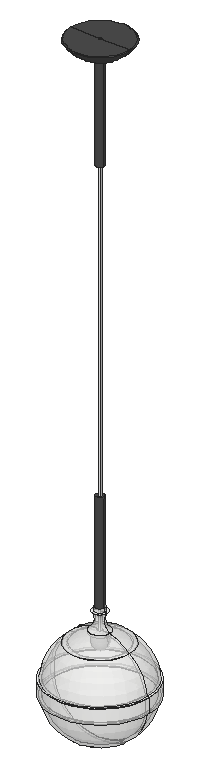
Revit family "PEGGY SP-Suspension", category Lighting Fixtures, host Ceiling, Revit 2020
Family settings
  Host = Ceiling
  Round Connector Dimension = Use Diameter
  Part Type = Normal
  OmniClass Number = 23.80.70.11
  OmniClass Title = Luminaries for Internal Lighting
  Always vertical = Yes
  Cut with Voids When Loaded = No
  Light Source = No
  Shared = No
  Room Calculation Point = No
Parameters (values of type "PEGGY SP")
  World Region [instance] = yes
  Width = 22 mm
  Voltage Control [instance] = if(World Region, 240 VA, 110 VA)  # 240 VA
  Voltage [instance] = if(World Region, 240 V, 110 V)  # 240 V
  USA and Canada market contacts = "ip@vistosi.it, +39.344.180.73.87"
  USA Region [instance] = not(World Region)  # no
  URL Product Page = "https://vistosi.it/prodotti-lampade-vetro/peggy-sp/?lang=en&sku=PEGGYSP000000OT-BCLUE141CE"
  URL = "https://vistosi.com"
  Type Comments = "Hangar Design Group"
  Region [instance] = if(World Region, "Europe", "USA")  # "Europe"
  Product data url = ""
  Model = "PEGGY"
  Material Bulb = 000_VISTOSI_Bulb
  Manufacturer country = "Italy"
  Manufacturer = "Vistosi"
  Light Source [instance] = Bulb : 2700 K 13 W 37 V 2000 lm DIM3 0-10V, Push
  Glass finish_type1 = none
  Frequency [instance] = if(World Region, 50 Hz, 60 Hz)  # 50 Hz
  Frame finish = none
  Designer = "Hangar Design Group"
  Description = "SUSPENSION"
  Depth = 0 mm
  Default Elevation = 0 mm
  Country = "Europe"
  Contact = "T. +39 041 5903480 Email: vistosi@vistosi.it"
  Bulb Diametr = 15 mm
  BIMobject category = ""
Reference planes
  plane 1 "Light Source Axis (F/B)": y = 0
  plane 2 "Ceiling": z = 2438.4
  plane 3 "Light Source Axis (L/R)": x = 0
  plane 4 "Light Source Elevation": z = 2438.4
  plane 5 "Lower Base": z = 1360.255
  plane 6 "H": z = 2208.4
  plane 7 "L": z = 1605.255
  plane 8: z = 1159.4
Forms (mm)
  Extrusion 1, solid, material <- "Frame finish"
    sketch origin (0, 0, 1360.255) x (-1, 0, 0) y (0, -1, 0)
      loop
        circle (0, 0) r 2
    from 0 to 1078.145
  Extrusion 2, solid, material <- "Frame finish"
    sketch origin (0, 0, 2208.4) x (-1, 0, 0) y (0, -1, 0)
      loop
        circle (0, 0) r 8
    from 0 to 210
  Extrusion 3, solid, material <- "Frame finish"
    sketch origin (0, 0, 1605.255) x (-1, 0, 0) y (0, -1, 0)
      loop
        circle (0, 0) r 8
    from 0 to -202
Text (mm)
  text "0 Tilt Angle" at (-1482.244, 236.007, 2133.6), in view "Ref. Level"
  text "180 Tilt Angle" at (653.058, 236.007, 2133.6), in view "Ref. Level"
Dimensions and locks
  equal spacing: host sketch curve, plane 3 "Light Source Axis (L/R)", host sketch curve
  equal spacing: host sketch curve, plane 1 "Light Source Axis (F/B)", host sketch curve
  host sketch curve to host sketch curve = 3048 mm  (x2)
  locked: plane 2 "Ceiling" to plane 8 at 1279
  locked: plane 5 "Lower Base" to plane 8 at 200.855
  locked: plane 2 "Ceiling" to plane 6 "H" at 230
  locked: plane 7 "L" to plane 5 "Lower Base" at 245
  aligned and locked: Extrusion 1 to plane 5 "Lower Base"
  aligned and locked: nested 2 to Extrusion 3
Nested families
  nested 1: "PEGGY_Base" at (0, 0, 2438.4) x (1, 0, 0) z (0, 0, -1), Frame finish <- "Frame finish", type "Peggy_Base"
  nested 2: "PEGGY_Lampshade" at (-0.173, 0.36, 1360.255) x (-1, 0, 0) z (0, 0, -1), Frame finish <- "Frame finish", Glass finish_type1 <- "Glass finish_type1", Material Bulb <- "Material Bulb", Bulb Diametr <- "Bulb Diametr", type "Peggy"
    with Material Bulb 000_VISTOSI_Bulb, Glass finish_type1 none, Frame finish none, Bulb Diametr 15 mm
  nested 3: "Bulb" at (-0.173, 0.36, 2840.255) x (-1, 0, 0) z (0, 0, -1), type "2700 K 13 W 37 V 2000 lm DIM2 Phase Cut"
    with Material 000_VISTOSI_Bulb, Diameter bulb 15 mm
Connectors
  electrical at (0, 0, 2438.4), driven by "Voltage", driven by "Voltage Control"
    settings: on Extrusion 1, index 1, voltage 240 V, apparent load 0 VA, apparent load phase1 240 VA, apparent load phase2 0 VA, apparent load phase3 0 VA, power factor 1, load classification "Other", number of poles 1, system type 31, power factor state 1, is connector primary yes, connector utility no, sub classification motor no, connector description ""
Definition of nested family "PEGGY_Base"
  Parameters (values of type "Peggy_Base")
    Frame finish [instance] = none
    Description = "Top base"  # constant formula
    Default Elevation = 1219.2 mm
  Reference planes
    plane 1 "Center (Front/Back)": y = 0
    plane 2: z = 0
    plane 3 "Center (Left/Right)": x = 0
    plane 4: x = -61
    plane 5: x = 61
  Forms (mm)
    Extrusion 1, solid
      sketch origin (0, 0, 0) x (1, 0, 0) y (0, 1, 0)
        loop
          line (-1219.2, 1219.2) -> (-1219.2, -1219.2) -> (1219.2, -1219.2) -> (1219.2, 1219.2) -> (-1219.2, 1219.2)
      from 0 to -304.8
    Revolve 2, solid, material <- "Frame finish"
      sketch origin (0, 0, 0) x (1, 0, 0) y (0, 0, 1)
        loop
          line (0, 0) -> (59.4, 0) -> (61, 1.2)
          arc (61, 1.2) -> (34.579, 24.925) -> (0, 33) r 71.449
          line (0, 33) -> (0, 0)
        axis (0, 33) -> (0, 0)
      angle from 0 to 360
  Dimensions and locks
    aligned and locked: plane 2 to Extrusion 1
    aligned and locked: level to Extrusion 1
Definition of nested family "PEGGY_Lampshade"
  Parameters (values of type "Peggy")
    Material Bulb [instance] = none
    Glass finish_type1 [instance] = none
    Frame finish [instance] = none
    Description = "Lampshade"  # constant formula
    Default Elevation = 1000 mm
    Bulb Diametr [instance] = 15 mm
  Reference planes
    plane 1 "Center (Front/Back)": y = 0
    plane 2: z = 0
    plane 3 "Center (Left/Right)": x = 0
    plane 4: x = -101.5
    plane 5: x = 101.5
  Forms (mm)
    Extrusion 1, solid
      sketch origin (0, 0, 0) x (1, 0, 0) y (0, 1, 0)
        loop
          line (-1219.2, 1219.2) -> (-1219.2, -1219.2) -> (1219.2, -1219.2) -> (1219.2, 1219.2) -> (-1219.2, 1219.2)
      from 0 to -304.8
    Revolve 2, solid, material <- "Frame finish"
      sketch origin (-3.594, 0, 0.043) x (1, 0, 0) y (0, 0, 1)
        loop
          line (-1.406, -0.043) -> (-1.406, 4.957) -> (-15.8, 4.957)
          arc (-15.8, 4.957) -> (-34.037, 11.853) -> (-50.186, 22.777) r 83.779
          line (-50.186, 22.777) -> (-57.574, 22.777)
          arc (-57.574, 22.777) -> (-38.53, 8.589) -> (-16.406, -0.043) r 88.779
          line (-16.406, -0.043) -> (-1.406, -0.043)
        axis (3.594, -0.043) -> (3.594, 22.777)
      angle from 0 to 360
    Revolve 3, solid, material <- "Glass finish_type1"
      sketch origin (-3.594, 0, 0.043) x (1, 0, 0) y (0, 0, 1)
        loop
          line (-56.56, 22.777) -> (-47.535, 22.777)
          arc (-47.535, 22.777) -> (-75.88, 50.457) -> (-89.079, 87.813) r 87.336
          line (-89.079, 87.813) -> (-94.108, 87.813)
          arc (-94.108, 87.813) -> (-82.244, 51.305) -> (-56.56, 22.777) r 92.336
        axis (3.594, 22.777) -> (3.594, 87.813)
      angle from 0 to 360
    Revolve 4, solid, material <- "Frame finish"
      sketch origin (-3.594, 0, 0.043) x (1, 0, 0) y (0, 0, 1)
        loop
          line (-89.053, 87.813) -> (-89.053, 117.813) -> (-97.906, 117.813) -> (-97.906, 87.813) -> (-89.053, 87.813)
        axis (3.594, 87.813) -> (3.594, 117.813)
      angle from 0 to 360
    Revolve 5, solid, material <- "Glass finish_type1"
      sketch origin (-3.594, 0, 0.043) x (1, 0, 0) y (0, 0, 1)
        loop
          arc (3.594, 200.813) -> (-61.008, 177.855) -> (-94.106, 117.813) r 96.6
          line (-94.106, 117.813) -> (-89.053, 117.813)
          arc (-89.053, 117.813) -> (-57.459, 174.308) -> (3.594, 195.811) r 91.6
          line (3.594, 195.811) -> (3.594, 200.813)
        axis (3.594, 117.813) -> (3.594, 200.813)
      angle from 0 to 360
    Revolve 6, solid, material <- "Frame finish"
      sketch origin (-3.594, 0, 0.043) x (1, 0, 0) y (0, 0, 1)
        loop
          line (3.594, -0.043) -> (-16.406, -0.043)
          arc (-16.406, -0.043) -> (-5.964, -16.408) -> (-11.406, -35.043) r 23.487
          line (-11.406, -35.043) -> (3.594, -35.043) -> (3.594, -0.043)
        axis (3.594, -35.043) -> (3.594, -0.043)
      angle from 0 to 360
    Revolve 7, solid, material <- "Frame finish"
      sketch origin (-3.594, 0, 0.043) x (1, 0, 0) y (0, 0, 1)
        loop
          line (3.594, -43.043) -> (3.594, -35.043) -> (-6.406, -35.043) -> (-6.406, -43.043) -> (3.594, -43.043)
        axis (3.594, -43.043) -> (3.594, -35.043)
      angle from 0 to 360
  Lines and regions (mm)
    Masking region 1, not visible
      outline origin (0, 0, 0) x (1, 0, 0) y (0, 1, 0)
        loop
          circle (0, 0) r 225
    Masking region 2, not visible
      outline origin (0, 0, 0) x (1, 0, 0) y (0, 1, 0)
        loop
          circle (0, 0) r 172.6
    Masking region 3
      outline origin (0, 0, 0) x (1, 0, 0) y (0, 1, 0)
        loop
          circle (0, 0) r 80
  Dimensions and locks
    locked: nested 1 to level at 20
    aligned and locked: plane 2 to Extrusion 1
    aligned and locked: level to Extrusion 1
    aligned and locked: plane 3 "Center (Left/Right)" to nested 1
  Nested families
    nested 1: "Bulb" at (0, 0, -1480), Material <- "Material Bulb", Diameter bulb <- "Bulb Diametr", type "2700 K 13 W 37 V 2000 lm DIM2 Phase Cut"
      with Material none, Diameter bulb 15 mm
  Definition of nested family "Bulb"
    Parameters (values of type "3000 K 13 W 37 V 2000 lm DIM3 0-10V, Push")
      Wattage = 13.4642 W
      built-in parameter 1150110 = 1 (stored number, unit not read)
      USA and Canada market contacts = ""
      built-in parameter 1114217 = 1 (stored number, unit not read)
      built-in parameter 1150109 = 1 (stored number, unit not read)
      built-in parameter 1150134 = (empty or 0)
      built-in parameter 1150113 = 1 (stored number, unit not read)
      Material [instance] = none
      Diameter bulb [instance] = 15 mm
      Lumens = 2000 lm
      built-in parameter 1150115 = 1 (stored number, unit not read)
      built-in parameter 1150105 = 159.15 (stored number, unit not read)
      Light Source Symbol Size = 30 mm
      built-in parameter 1150137 = (empty or 0)
      built-in parameter 1150139 = (empty or 0)
      built-in parameter 1150112 = 1 (stored number, unit not read)
      built-in parameter 1150114 = 1 (stored number, unit not read)
      built-in parameter 1150132 = 2
      built-in parameter 1150102 = (empty or 0)
      built-in parameter 1150138 = (empty or 0)
      built-in parameter 1150107 = 3000 (stored number, unit not read)
      built-in parameter 1150106 = 1.5915 (stored number, unit not read)
      built-in parameter 1150104 = 13.8 (stored number, unit not read)
      Dimming Lamp Color Temperature Shift = (empty or 0)
      Default Elevation = 1219.2 mm
      Color Filter = 16777215
      built-in parameter 1114218 = 1 (stored number, unit not read)
      built-in parameter 1150133 = 10 (stored number, unit not read)
    Types (4, lengths in mm): name | built-in parameter 1150107
      2700 K 13 W 37 V 2000 lm DIM2 Phase Cut | 2700 (stored number, unit not read)
      2700 K 13 W 37 V 2000 lm DIM3 0-10V, Push | 2700 (stored number, unit not read)
      3000 K 13 W 37 V 2000 lm DIM2 Phase Cut | 3000 (stored number, unit not read)
      3000 K 13 W 37 V 2000 lm DIM3 0-10V, Push | 3000 (stored number, unit not read)
    Reference planes
      plane 1 "Light Source Axis (F/B)": y = 0
      plane 2: z = 0
      plane 3 "Light Source Axis (L/R)": x = 0
      plane 4 "Light Source Elevation": z = 1500
    Forms (mm)
      Revolve 1, solid, material <- "Material"
        sketch origin (0, 0, 0) x (1, 0, 0) y (0, 0, 1)
          loop
            arc (0, 1515) -> (-15, 1500) -> (0, 1485) r 15
            line (0, 1485) -> (0, 1515)
          axis (0, 1515) -> (0, 1485)
        angle from 0 to 360
    Dimensions and locks
      "Diameter bulb": radius of Revolve 1 sketch curve
      aligned and locked: plane 3 "Light Source Axis (L/R)" to imposter light
      aligned and locked: plane 1 "Light Source Axis (F/B)" to imposter light
      aligned and locked: plane 4 "Light Source Elevation" to imposter light
      aligned and locked: level to plane 2
    Automatic sketch dimensions
      Revolve 1 sketch curve to plane 3 "Light Source Axis (L/R)" = 0 mm  (x2)
      Revolve 1 sketch curve to plane 4 "Light Source Elevation" = 0 mm
      Revolve 1 sketch curve to Revolve 1 sketch curve = 5 mm  (x2)
Definition of nested family "Bulb"
  Parameters (values of type "3000 K 13 W 37 V 2000 lm DIM3 0-10V, Push")
    Wattage = 13.4642 W
    built-in parameter 1150110 = 1 (stored number, unit not read)
    USA and Canada market contacts = ""
    built-in parameter 1114217 = 1 (stored number, unit not read)
    built-in parameter 1150109 = 1 (stored number, unit not read)
    built-in parameter 1150134 = (empty or 0)
    built-in parameter 1150113 = 1 (stored number, unit not read)
    Material [instance] = none
    Diameter bulb [instance] = 15 mm
    Lumens = 2000 lm
    built-in parameter 1150115 = 1 (stored number, unit not read)
    built-in parameter 1150105 = 159.15 (stored number, unit not read)
    Light Source Symbol Size = 30 mm
    built-in parameter 1150137 = (empty or 0)
    built-in parameter 1150139 = (empty or 0)
    built-in parameter 1150112 = 1 (stored number, unit not read)
    built-in parameter 1150114 = 1 (stored number, unit not read)
    built-in parameter 1150132 = 2
    built-in parameter 1150102 = (empty or 0)
    built-in parameter 1150138 = (empty or 0)
    built-in parameter 1150107 = 3000 (stored number, unit not read)
    built-in parameter 1150106 = 1.5915 (stored number, unit not read)
    built-in parameter 1150104 = 13.8 (stored number, unit not read)
    Dimming Lamp Color Temperature Shift = (empty or 0)
    Default Elevation = 1219.2 mm
    Color Filter = 16777215
    built-in parameter 1114218 = 1 (stored number, unit not read)
    built-in parameter 1150133 = 10 (stored number, unit not read)
  Types (4, lengths in mm): name | built-in parameter 1150107
    2700 K 13 W 37 V 2000 lm DIM2 Phase Cut | 2700 (stored number, unit not read)
    2700 K 13 W 37 V 2000 lm DIM3 0-10V, Push | 2700 (stored number, unit not read)
    3000 K 13 W 37 V 2000 lm DIM2 Phase Cut | 3000 (stored number, unit not read)
    3000 K 13 W 37 V 2000 lm DIM3 0-10V, Push | 3000 (stored number, unit not read)
  Reference planes
    plane 1 "Light Source Axis (F/B)": y = 0
    plane 2: z = 0
    plane 3 "Light Source Axis (L/R)": x = 0
    plane 4 "Light Source Elevation": z = 1500
  Forms (mm)
    Revolve 1, solid, material <- "Material"
      sketch origin (0, 0, 0) x (1, 0, 0) y (0, 0, 1)
        loop
          arc (0, 1515) -> (-15, 1500) -> (0, 1485) r 15
          line (0, 1485) -> (0, 1515)
        axis (0, 1515) -> (0, 1485)
      angle from 0 to 360
  Dimensions and locks
    "Diameter bulb": radius of Revolve 1 sketch curve
    aligned and locked: plane 3 "Light Source Axis (L/R)" to imposter light
    aligned and locked: plane 1 "Light Source Axis (F/B)" to imposter light
    aligned and locked: plane 4 "Light Source Elevation" to imposter light
    aligned and locked: level to plane 2
  Automatic sketch dimensions
    Revolve 1 sketch curve to plane 3 "Light Source Axis (L/R)" = 0 mm  (x2)
    Revolve 1 sketch curve to plane 4 "Light Source Elevation" = 0 mm
    Revolve 1 sketch curve to Revolve 1 sketch curve = 5 mm  (x2)
